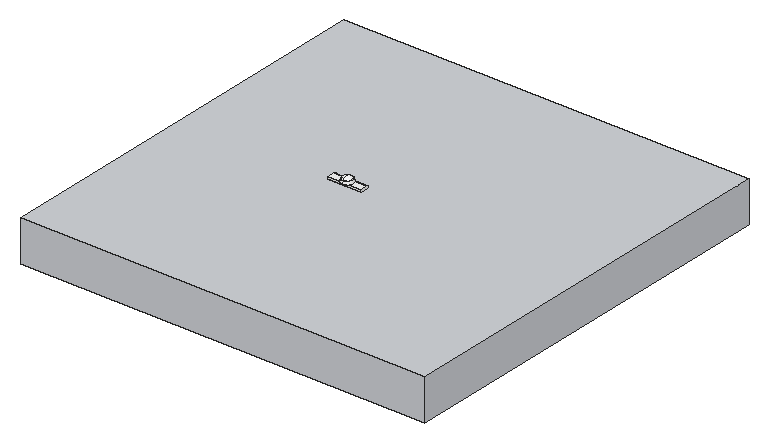
Revit family "Zumtobel ED-SENS TEC", category Lighting Fixtures, host Face, Revit 2016
Family settings
  Host = Face
  Part Type = Normal
  Round Connector Dimension = Use Diameter
  OmniClass Number = 23.80.70.11
  OmniClass Title = Luminaries for Internal Lighting
  Cut with Voids When Loaded = No
  Light Source = No
  Shared = No
  Room Calculation Point = No
Parameters (values of type "ED-SENS TEC-GP WH")
  Width = 248 mm  # constant formula
  Wattage Comments = ""
  URL = "http://www.zumtobel.com/22169252"
  Type Comments = "© Zumtobel. We reserve the right to make technical changes without prior notice."  # constant formula
  Height = 54 mm  # constant formula
  Depth = 98 mm  # constant formula
  Model = "22169252"
  Manufacturer = "Zumtobel Lighting"  # constant formula
  Lamp = ""
  Description = "Multi-sensor for presence detection and integration of IRTOUCH infrared remote control with TECTON adapter."  # constant formula
  Default Elevation = 0 mm
  Body = ZG_Metal_White
  Assembly Code = "D5020200"
  Apparent Load = 0 VA
Reference planes
  plane 1 "Center (Front/Back)": y = 0
  plane 2 "Bottom": z = 0
  plane 3 "Center (Left/Right)": x = -735.5
  plane 4 "Left": x = -859.5
  plane 5: z = 18.928
  plane 6 "Right": x = -611.5
  plane 7: x = -780
  plane 8: x = -691
  plane 9: y = 44.5
  plane 10: y = -44.5
Forms (mm)
  Extrusion 1, solid
    sketch origin (123, 0, 0) x (1, 0, 0) y (0, 1, 0)
      loop
        line (-2085.5, 1500) -> (-2085.5, -1500) -> (914.5, -1500) -> (914.5, 1500) -> (-2085.5, 1500)
    from 0 to -304.8
  Extrusion 2, solid, material "ZG_Metal_White" <- "Body"
    sketch origin (-735.5, 0, -57.072) x (0, -1, 0) y (0, 0, 1)
      loop
        line (-28, 74) -> (-30, 76) -> (-30, 62) -> (-24.468, 62) -> (-24.468, 50.994) -> (-21.81, 50.994) -> (-21.81, 57.072) -> (21.81, 57.072) -> (21.81, 50.994) -> (24.468, 50.994) -> (24.468, 62) -> (30, 62) -> (30, 76) -> (28, 74) -> (-28, 74)
    from -124 to 124
  Revolve 3, solid, material "ZG_Metal_White" <- "Body"
    sketch origin (-735.5, 0, -57.072) x (0, -1, 0) y (0, 0, 1)
      loop
        arc (0, 112.593) -> (-19.77, 108.012) -> (-35.511, 95.202) r 44.949
        line (-35.511, 95.202) -> (-33.421, 95.202) -> (-33.421, 92.702) -> (-38.421, 92.702) -> (-43.59, 78.5) -> (-30, 78.5) -> (-30, 76) -> (-28, 74) -> (0, 74) -> (0, 112.593)
      axis (0, 112.593) -> (0, 74)
    angle from 0 to 360
Lines and regions (mm)
  symbolic lines, not visible, detail levels coarse
    curve 1: line (-735.5, 80, 0) -> (-735.5, -80, 0)
    curve 2: line (-735.5, 80, 0) -> (-735.5, -80, 0)
Dimensions and locks
  locked: plane 5 to level at 18.928
  equal spacing: plane 4 "Left", plane 3 "Center (Left/Right)", plane 6 "Right"
  locked: plane 4 "Left" to plane 6 "Right" at 248
  aligned and locked: plane 2 "Bottom" to Extrusion 1
  aligned and locked: level to Extrusion 1
  aligned and locked: plane 4 "Left" to Extrusion 2
  aligned and locked: plane 6 "Right" to Extrusion 2
Automatic sketch dimensions
  curve 1 to plane 3 "Center (Left/Right)" = 0 mm
  curve 2 to plane 3 "Center (Left/Right)" = 0 mm
  curve 2 to curve 1 = 0 mm
  curve 1 to curve 2 = 0 mm
  Extrusion 1 sketch curve to Extrusion 1 sketch curve = 3000 mm  (x2)
  Extrusion 2 sketch curve to plane 5 = 0 mm  (x2)
  Extrusion 2 sketch curve to level = 0 mm
  Extrusion 2 sketch curve to plane 5 = 2 mm
  Extrusion 2 sketch curve to Extrusion 2 sketch curve = 2 mm  (x2)
  Extrusion 2 sketch curve to Extrusion 2 sketch curve = 5.532 mm
  Extrusion 2 sketch curve to level = 6.078 mm  (x2)
  level to Extrusion 2 sketch curve = 4.928 mm  (x2)
  curve 2 to plane 1 "Center (Front/Back)" = 80 mm
  Extrusion 2 sketch curve to plane 1 "Center (Front/Back)" = 21.81 mm
  Extrusion 2 sketch curve to Extrusion 2 sketch curve = 2.658 mm  (x2)
  Extrusion 2 sketch curve to Extrusion 2 sketch curve = 3.532 mm
  plane 1 "Center (Front/Back)" to curve 2 = 80 mm
  plane 1 "Center (Front/Back)" to Extrusion 2 sketch curve = 21.81 mm
  Revolve 3 sketch curve to plane 5 = 0 mm
  Revolve 3 sketch curve to plane 1 "Center (Front/Back)" = 0 mm  (x2)
  plane 9 to Revolve 3 sketch curve = 16.5 mm
  plane 9 to Revolve 3 sketch curve = 11.079 mm
  Revolve 3 sketch curve to Revolve 3 sketch curve = 2.09 mm
  Revolve 3 sketch curve to Revolve 3 sketch curve = 2.91 mm
  plane 9 to Revolve 3 sketch curve = 0.91 mm
  Revolve 3 sketch curve to plane 5 = 8.356 mm
  Revolve 3 sketch curve to Revolve 3 sketch curve = 14.202 mm
  Revolve 3 sketch curve to Revolve 3 sketch curve = 2.5 mm  (x2)
  Revolve 3 sketch curve to Revolve 3 sketch curve = 2 mm
  Revolve 3 sketch curve to level = 46.072 mm
  Revolve 3 sketch curve to Revolve 3 sketch curve = 25 mm
  Revolve 3 sketch curve to plane 5 = 2 mm
Connectors
  electrical at (-735.5, 0, 0)
    settings: on Extrusion 2, index 1, voltage 0 V, apparent load 0 VA, apparent load phase1 0 VA, apparent load phase2 0 VA, apparent load phase3 0 VA, power factor 1, load classification "Other", number of poles 1, system type 30, power factor state 1, is connector primary yes, connector utility no, sub classification motor no, connector description "Power"
